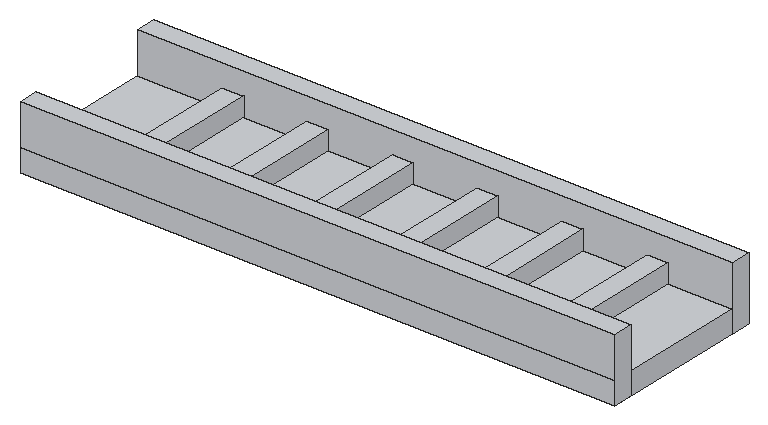
Revit family "GIS_CableTray", category Modelos genéricos, Revit 2027
Family settings
  Pode hospedar o vergalhão = Não
  Cota do conector redondo = Utilizar diâmetro
  Tipo de parte = Normal
  Com base no plano de trabalho = Não
  Sempre na vertical = Sim
  Corte com vazios quando carregada = Não
  Manter orientação da anotação = Não
  Compartilhado = Não
  Ponto de cálculo do ambiente = Não
Parameters (values of type "CABLE_TRAY_STUDY")
  Elevação padrão = 0 mm
  BIM_TensaoSecundaria_kV = 0
  BIM_TensaoNominal_kV = 0
  BIM_TensaoClasse_kV = 0
  BIM_TensaoClasseSecundaria_kV = 0
  BIM_Sistema_Elemento [instance] = ""
  BIM_ReferenciaCatalogo = "Portfolio estimate; cable schedule and support spacing pending"
  BIM_Profundidade = 420 mm
  BIM_Potencia_MVA = 0
  BIM_Localizacao [instance] = ""
  BIM_Largura = 1500 mm
  BIM_Impedancia_pu = 0
  BIM_FonteGeometria = "Portfolio estimate; cable schedule and support spacing pending"
  BIM_Fabricante = "NAO SELECIONADO"
  BIM_EstadoGeometria = "ESTIMATED"
  BIM_EstadoEspecificacao = "PREMISSA / NAO SELECIONADO"
  BIM_DescricaoEstudo = "Trecho indicativo de leito de cabos, sem dimensionamento de ocupacao."
  BIM_CorrenteReferenciaSecundaria_A = 0
  BIM_CorrenteNominal_A = 0
  BIM_Bay [instance] = ""
  BIM_AlturaCorpoPrincipal = 56 mm
  BIM_Altura = 160 mm
Reference planes
  plane 1 "Centro (Frente/Trás)": y = 0
  plane 2: z = 0
  plane 3 "Centro (Esquerda/Direita)": x = 0
  plane 4 "BIM Left": x = -750
  plane 5 "BIM Right": x = 750
  plane 6 "BIM Front": y = -210
  plane 7 "BIM Back": y = 210
Forms (mm)
  Extrusion 1, solid
    sketch origin (0, 0, 0) x (1, 0, 0) y (0, 1, 0)
      loop
        line (-750, -210) -> (750, -210) -> (750, 210) -> (-750, 210) -> (-750, -210)
    from 0 to 56 <- "BIM_AlturaCorpoPrincipal"
  Extrusion 2, solid
    sketch origin (0, 0, 0) x (1, 0, 0) y (0, 1, 0)
      loop
        line (-750, -210) -> (750, -210) -> (750, -159.6) -> (-750, -159.6) -> (-750, -210)
    from 0 to 160
  Extrusion 3, solid
    sketch origin (0, 0, 0) x (1, 0, 0) y (0, 1, 0)
      loop
        line (-750, 159.6) -> (750, 159.6) -> (750, 210) -> (-750, 210) -> (-750, 159.6)
    from 0 to 160
  Extrusion 4, solid
    sketch origin (0, 0, 56) x (1, 0, 0) y (0, 1, 0)
      loop
        line (-535.714, -159.6) -> (-483.214, -159.6) -> (-483.214, 159.6) -> (-535.714, 159.6) -> (-535.714, -159.6)
    from 0 to 48
  Extrusion 5, solid
    sketch origin (0, 0, 56) x (1, 0, 0) y (0, 1, 0)
      loop
        line (-321.429, -159.6) -> (-268.929, -159.6) -> (-268.929, 159.6) -> (-321.429, 159.6) -> (-321.429, -159.6)
    from 0 to 48
  Extrusion 6, solid
    sketch origin (0, 0, 56) x (1, 0, 0) y (0, 1, 0)
      loop
        line (-107.143, -159.6) -> (-54.643, -159.6) -> (-54.643, 159.6) -> (-107.143, 159.6) -> (-107.143, -159.6)
    from 0 to 48
  Extrusion 7, solid
    sketch origin (0, 0, 56) x (1, 0, 0) y (0, 1, 0)
      loop
        line (107.143, -159.6) -> (159.643, -159.6) -> (159.643, 159.6) -> (107.143, 159.6) -> (107.143, -159.6)
    from 0 to 48
  Extrusion 8, solid
    sketch origin (0, 0, 56) x (1, 0, 0) y (0, 1, 0)
      loop
        line (321.429, -159.6) -> (373.929, -159.6) -> (373.929, 159.6) -> (321.429, 159.6) -> (321.429, -159.6)
    from 0 to 48
  Extrusion 9, solid
    sketch origin (0, 0, 56) x (1, 0, 0) y (0, 1, 0)
      loop
        line (535.714, -159.6) -> (588.214, -159.6) -> (588.214, 159.6) -> (535.714, 159.6) -> (535.714, -159.6)
    from 0 to 48
Dimensions and locks
  "BIM_Largura": plane 4 "BIM Left" to plane 5 "BIM Right"
  "BIM_Profundidade": plane 6 "BIM Front" to plane 7 "BIM Back"
  aligned and locked: level to plane 2
  aligned and locked: plane 4 "BIM Left" to Extrusion 1
  aligned and locked: Extrusion 1 to plane 5 "BIM Right"
  aligned and locked: Extrusion 1 to plane 6 "BIM Front"
  aligned and locked: plane 7 "BIM Back" to Extrusion 1
Automatic sketch dimensions
  Extrusion 1 sketch curve to plane 4 "BIM Left" = 0 mm
  Extrusion 1 sketch curve to plane 5 "BIM Right" = 0 mm
  Extrusion 1 sketch curve to plane 6 "BIM Front" = 0 mm
  Extrusion 1 sketch curve to plane 7 "BIM Back" = 0 mm
  Extrusion 2 sketch curve to plane 4 "BIM Left" = 0 mm
  Extrusion 2 sketch curve to plane 5 "BIM Right" = 0 mm
  Extrusion 2 sketch curve to plane 6 "BIM Front" = 0 mm
  plane 6 "BIM Front" to Extrusion 2 sketch curve = 50.4 mm
  Extrusion 3 sketch curve to plane 4 "BIM Left" = 0 mm
  Extrusion 3 sketch curve to plane 5 "BIM Right" = 0 mm
  Extrusion 3 sketch curve to plane 7 "BIM Back" = 0 mm
  Extrusion 3 sketch curve to plane 7 "BIM Back" = 50.4 mm
  plane 6 "BIM Front" to Extrusion 4 sketch curve = 50.4 mm
  Extrusion 4 sketch curve to plane 4 "BIM Left" = 214.286 mm
  Extrusion 4 sketch curve to Extrusion 4 sketch curve = 52.5 mm
  Extrusion 4 sketch curve to plane 7 "BIM Back" = 50.4 mm
  plane 6 "BIM Front" to Extrusion 5 sketch curve = 50.4 mm
  Extrusion 5 sketch curve to plane 3 "Centro (Esquerda/Direita)" = 321.429 mm
  Extrusion 5 sketch curve to Extrusion 5 sketch curve = 52.5 mm
  Extrusion 5 sketch curve to plane 7 "BIM Back" = 50.4 mm
  plane 6 "BIM Front" to Extrusion 6 sketch curve = 50.4 mm
  Extrusion 6 sketch curve to plane 3 "Centro (Esquerda/Direita)" = 107.143 mm
  Extrusion 6 sketch curve to Extrusion 6 sketch curve = 52.5 mm
  Extrusion 6 sketch curve to plane 7 "BIM Back" = 50.4 mm
  plane 6 "BIM Front" to Extrusion 7 sketch curve = 50.4 mm
  plane 3 "Centro (Esquerda/Direita)" to Extrusion 7 sketch curve = 107.143 mm
  Extrusion 7 sketch curve to Extrusion 7 sketch curve = 52.5 mm
  Extrusion 7 sketch curve to plane 7 "BIM Back" = 50.4 mm
  plane 6 "BIM Front" to Extrusion 8 sketch curve = 50.4 mm
  plane 3 "Centro (Esquerda/Direita)" to Extrusion 8 sketch curve = 321.429 mm
  Extrusion 8 sketch curve to Extrusion 8 sketch curve = 52.5 mm
  Extrusion 8 sketch curve to plane 7 "BIM Back" = 50.4 mm
  plane 6 "BIM Front" to Extrusion 9 sketch curve = 50.4 mm
  plane 5 "BIM Right" to Extrusion 9 sketch curve = 214.286 mm
  Extrusion 9 sketch curve to Extrusion 9 sketch curve = 52.5 mm
  Extrusion 9 sketch curve to plane 7 "BIM Back" = 50.4 mm
